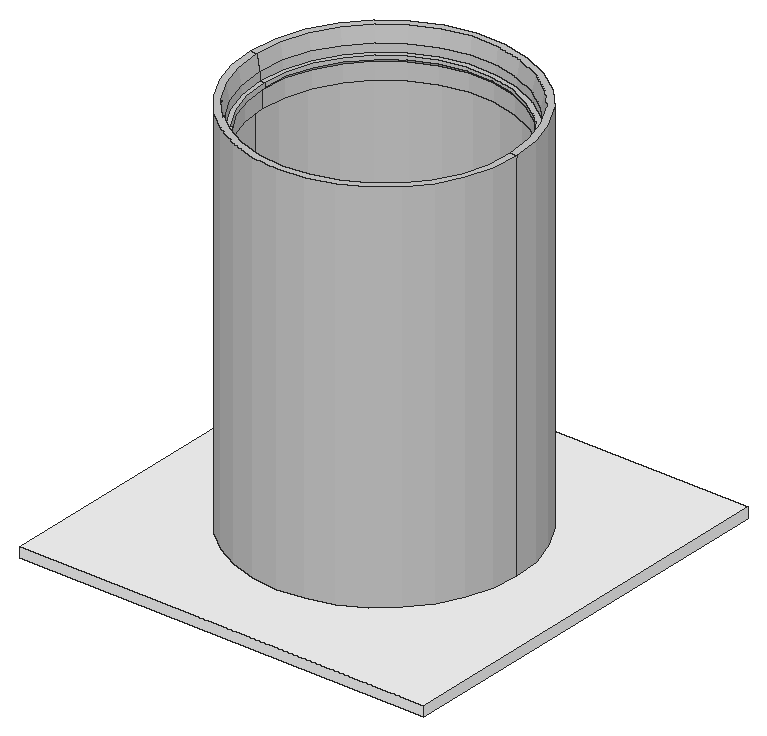
Revit family "BE_99619_de_DE", category Leuchten, Revit 2015
Parameters (values of type "BEGA_99619_Silber")
  Default Elevation = 0 mm
  URL = "http://www.bega.de/produkt/99619"
  Typenkommentare = "© 2015 BEGA. Wir behalten uns das Recht vor, technische Änderungen ohne vorherige Ankündigung vorzunehmen."  # constant formula
  Typenbild = 99619.png
  Sonderanfertigung = no
  Seriennummer [instance] = "Hier können Sie die eindeutige Seriennummer für das Facility Management eintragen."
  Schutzart = "IP 65"
  Scheinlast = 0 VA
  Produktdatenblatt = "http://www.bega.de/download/datenblaetter/de/99619.pdf"
  Modell = "99619A"
  Material_02 = BEGA_Oberfläche_Silber_matt
  Material_01 [instance] = BEGA_Oberfläche_Grafit_matt
  M_G = no
  M_A = yes
  Logo = 0
  Leuchtenanzahl = ""
  Lastklassifizierung = Beleuchtung
  Hersteller = "BEGA"  # constant formula
  Halbstreuwinkel = ""
  Gewicht = "6.15 kg"
  Erdstück [instance] = no
  Einbauöffnung = "265 mm"
  CE_Konformität = "ja"
  Bestellnummer_Erdstück [instance] = if(Erdstück, "70896", "---")  # "---"
  Bestellnummer = "99619A"
  Beschreibung_Sonderanfertigung = "Hier können Sie Informationen zur Sonderanfertigung eintragen."
  Beschreibung = "Pollerleuchtenrohr"
  BEGA_Intern_aus = yes
  BEGA_Intern_an = yes
  BEGA_Intern_Konstruktion = yes
  BEGA_Intern = yes
  BEGA_IES = yes
  BEGA_Dummy = no
  Aktualisierung = "2015-12-09T04:08:32"
Types (3, lengths in mm): name | Modell | M_G | M_A | Bestellnummer
  (no name) | "99619A" | no | yes | "99619A"
  BEGA_99619_Silber | "99619A" | no | yes | "99619A"
  BEGA_99619_Grafit | "99619" | yes | no | "99619"
Reference planes
  plane 1 "Mitte (Vorne/Hinten)": y = 0
  plane 2: z = 0
  plane 3 "Mitte (Links/Rechts)": x = 0
  plane 4 "Links": x = -132
  plane 5 "Rechts": x = 132
  plane 6 "Unten": y = -131.922
  plane 7 "Oben": y = 132.024
  plane 8 "Vorne": z = 375.334
Forms (mm)
  Extrusion 1, solid, material "BEGA_Platte_Weiss"
    sketch origin (0, -1119.2, 0) x (1, 0, 0) y (0, 1, 0)
      loop
        line (-200, 1319.2) -> (-200, 919.2) -> (200, 919.2) -> (200, 1319.2) -> (-200, 1319.2)
    from 0 to -10
  Extrusion 2, solid, material "BEGA_Dummy_matt", visible <- "BEGA_Dummy"
    sketch origin (77.149, -76.023, 0) x (1, 0, 0) y (0, 1, 0)
      loop
        circle (-77.149, 76.023) r 132
    from 0 to 375.334
Dimensions and locks
  plane 1 "Mitte (Vorne/Hinten)" to Extrusion 1 = 200 mm
  aligned and locked: plane 2 to Extrusion 1
  aligned and locked: level to Extrusion 1
Nested families
  nested 1: "BE_99619_Pollerrohr" at (0, 0, 0), type "BE_99619_Pollerrohr"
Connectors
  electrical at (0, 0, 0), driven by "Lastklassifizierung", driven by "Scheinlast"
    settings: index 1, voltage 0 V, apparent load 0 VA, apparent load phase1 0 VA, apparent load phase2 0 VA, apparent load phase3 0 VA, power factor 1, load classification "Beleuchtung", number of poles 1, system type 31, power factor state 1, is connector primary yes, connector utility no, sub classification motor no, connector description ""
Definition of nested family "BE_99619_Pollerrohr"
  Parameters (values of type "BE_99619_Pollerrohr")
    Default Elevation = 1 mm
    URL = "http://www.bega.de/de/produkt"
    Type Comments = "© 2015 BEGA. Wir behalten uns das Recht vor, technische Änderungen ohne vorherige Ankündigung vorzunehmen. "  # constant formula
    Type Image = (empty or 0)
    Material_02 = none
    Material_01 = none
    M_G = yes
    M_A = yes
    Länge_Platte = 300 mm  # constant formula
    Höhe_Platte = -10 mm  # constant formula
    Manufacturer = "BEGA"  # constant formula
    Breite_Platte = 300 mm  # constant formula
  Reference planes
    plane 1 "Mitte (Oben/Unten)": y = 0
    plane 2: z = 0
    plane 3 "Mitte (Links/Rechts)": x = 0
    plane 4 "Vorne": z = 375.334
    plane 5 "Links": x = -132
    plane 6 "Rechts": x = 132
    plane 7 "Oben": y = 132.024
    plane 8 "Unten": y = -131.922
  Forms (mm)
    Extrusion 1, solid, detail levels medium
      sketch origin (0, 0, 0) x (1, 0, 0) y (0, 1, 0)
        loop
          line (-150, 150) -> (-150, -150) -> (150, -150) -> (150, 150) -> (-150, 150)
      from 0 to -10 <- "Höhe_Platte"
    Revolve 2, solid, material <- "Material_01", visible <- "M_G", detail levels medium+fine
      sketch origin (0, 0, 0) x (1, 0, 0) y (0, 0, 1)
        loop
          line (-104.5, 0) -> (-39.606, 0)
          arc (-39.606, 0) -> (-38.217, 0.561) -> (-37.607, 1.928) r 2
          line (-37.607, 1.928) -> (-37.5, 5) -> (-37.607, 8.067)
          arc (-37.607, 8.067) -> (-38.216, 9.438) -> (-39.606, 10) r 2
          line (-39.606, 10) -> (-75.72, 10)
          arc (-75.72, 10) -> (-77.743, 10.79) -> (-78.702, 12.739) r 3
          line (-78.702, 12.739) -> (-80.92, 38.087)
          arc (-80.92, 38.087) -> (-81.24, 38.737) -> (-81.914, 39) r 1
          line (-81.914, 39) -> (-97.5, 39) -> (-97.5, 35) -> (-87.374, 24.874)
          arc (-87.374, 24.874) -> (-86.727, 23.902) -> (-86.5, 22.757) r 3
          line (-86.5, 22.757) -> (-86.5, 13.454)
          arc (-86.5, 13.454) -> (-87.902, 9.985) -> (-91.318, 8.46) r 5
          line (-91.318, 8.46) -> (-103.537, 8.034)
          arc (-103.537, 8.034) -> (-104.22, 7.728) -> (-104.5, 7.034) r 1
          line (-104.5, 7.034) -> (-104.5, 0)
        axis (0, 39) -> (0, 0)
      angle from 0 to 360
    Extrusion 3, void
      sketch origin (0, 0, 0) x (1, 0, 0) y (0, 1, 0)
        loop
          arc (-37.433, 48.796) -> (-36.61, 55.104) -> (-42.917, 55.933) r 4.5
          arc (-42.917, 55.933) -> (-61.056, 35.25) -> (-69.897, 9.2) r 70.5
          arc (-69.897, 9.2) -> (-66.023, 4.151) -> (-60.974, 8.027) r 4.5
          arc (-60.974, 8.027) -> (-53.259, 30.753) -> (-37.433, 48.796) r 61.5
        loop
          arc (-45.499, 0.002) -> (-49.999, 4.502) -> (-54.499, 0.001) r 4.5
          arc (-54.499, 0.001) -> (-47.2, -27.251) -> (-27.249, -47.199) r 54.483
          arc (-27.249, -47.199) -> (-21.131, -45.599) -> (-22.654, -39.461) r 4.5
          arc (-22.654, -39.461) -> (-39.375, -22.796) -> (-45.499, 0.002) r 45.517
        loop
          arc (-23.533, -56.819) -> (-29.413, -59.255) -> (-26.979, -65.134) r 4.5
          arc (-26.979, -65.134) -> (0, -70.5) -> (26.979, -65.134) r 70.5
          arc (26.979, -65.134) -> (29.415, -59.254) -> (23.533, -56.818) r 4.5
          arc (23.533, -56.818) -> (0, -61.499) -> (-23.533, -56.819) r 61.5
        loop
          arc (60.974, 8.027) -> (66.023, 4.151) -> (69.897, 9.2) r 4.5
          arc (69.897, 9.2) -> (61.056, 35.25) -> (42.918, 55.931) r 70.5
          arc (42.918, 55.931) -> (36.61, 55.104) -> (37.433, 48.796) r 4.5
          arc (37.433, 48.796) -> (53.259, 30.753) -> (60.974, 8.027) r 61.5
        loop
          arc (27.249, -47.199) -> (47.201, -27.251) -> (54.5, 0.002) r 54.483
          arc (54.5, 0.002) -> (50, 4.501) -> (45.5, 0.002) r 4.5
          arc (45.5, 0.002) -> (39.402, -22.748) -> (22.749, -39.404) r 45.517
          arc (22.749, -39.404) -> (21.102, -45.551) -> (27.249, -47.199) r 4.5
        loop
          arc (-20.5, 50.498) -> (-23.932, 48.965) -> (-27.25, 47.198) r 54.483
          arc (-27.25, 47.198) -> (-28.897, 41.051) -> (-22.75, 39.404) r 4.5
          arc (-22.75, 39.404) -> (-21.634, 40.027) -> (-20.5, 40.619) r 45.517
          arc (-20.5, 40.619) -> (0.676, 45.492) -> (21.698, 39.992) r 45.517
          arc (21.698, 39.992) -> (22.226, 39.701) -> (22.751, 39.403) r 45.517
          arc (22.751, 39.403) -> (28.897, 41.051) -> (27.251, 47.197) r 4.5
          arc (27.251, 47.197) -> (23.932, 48.964) -> (20.5, 50.498) r 54.483
          arc (20.5, 50.498) -> (0, 54.473) -> (-20.5, 50.498) r 54.857
      from 0 to 16.907
    Revolve 4, solid, material <- "Material_01", visible <- "M_G", detail levels medium+fine
      sketch origin (0, 0, 0) x (1, 0, 0) y (0, 0, 1)
        loop
          line (-128, 2.834) -> (-128, 15.334) -> (-114.957, 15.334)
          arc (-114.957, 15.334) -> (-113.566, 14.77) -> (-112.96, 13.397) r 1.999
          line (-112.96, 13.397) -> (-112.858, 10.443) -> (-110.216, 7.8) -> (-98.318, 8.216) -> (-98.318, 43.346) -> (-108, 43.346) -> (-108.721, 22.73)
          arc (-108.721, 22.73) -> (-109.64, 20.672) -> (-111.734, 19.836) r 2.999
          line (-111.734, 19.836) -> (-120.371, 19.836)
          arc (-120.371, 19.836) -> (-122.471, 20.694) -> (-123.368, 22.776) r 2.998
          line (-123.368, 22.776) -> (-124.397, 52.334) -> (-128, 52.334) -> (-128, 328.034) -> (-121, 328.034) -> (-121, 345.034) -> (-117.865, 348.169) -> (-118, 352.034) -> (-122.735, 352.034) -> (-123.018, 360.123) -> (-125.7, 375.334) -> (-132, 375.334) -> (-132, 2.834) -> (-128, 2.834)
        axis (0, 375.334) -> (0, 2.834)
      angle from 0 to 360
    Revolve 5, solid, material <- "Material_02", visible <- "M_A", detail levels medium+fine
      sketch origin (0, 0, 0) x (1, 0, 0) y (0, 0, 1)
        loop
          line (-104.5, 0) -> (-39.606, 0)
          arc (-39.606, 0) -> (-38.217, 0.561) -> (-37.607, 1.928) r 2
          line (-37.607, 1.928) -> (-37.5, 5) -> (-37.607, 8.067)
          arc (-37.607, 8.067) -> (-38.216, 9.438) -> (-39.606, 10) r 2
          line (-39.606, 10) -> (-75.72, 10)
          arc (-75.72, 10) -> (-77.743, 10.79) -> (-78.702, 12.739) r 3
          line (-78.702, 12.739) -> (-80.92, 38.087)
          arc (-80.92, 38.087) -> (-81.24, 38.737) -> (-81.914, 39) r 1
          line (-81.914, 39) -> (-97.5, 39) -> (-97.5, 35) -> (-87.374, 24.874)
          arc (-87.374, 24.874) -> (-86.727, 23.902) -> (-86.5, 22.757) r 3
          line (-86.5, 22.757) -> (-86.5, 13.454)
          arc (-86.5, 13.454) -> (-87.902, 9.985) -> (-91.318, 8.46) r 5
          line (-91.318, 8.46) -> (-103.537, 8.034)
          arc (-103.537, 8.034) -> (-104.22, 7.728) -> (-104.5, 7.034) r 1
          line (-104.5, 7.034) -> (-104.5, 0)
        axis (0, 39) -> (0, 0)
      angle from 0 to 360
    Revolve 6, solid, material <- "Material_02", visible <- "M_A", detail levels medium+fine
      sketch origin (0, 0, 0) x (1, 0, 0) y (0, 0, 1)
        loop
          line (-128, 2.834) -> (-128, 15.334) -> (-114.957, 15.334)
          arc (-114.957, 15.334) -> (-113.566, 14.77) -> (-112.96, 13.397) r 1.999
          line (-112.96, 13.397) -> (-112.858, 10.443) -> (-110.216, 7.8) -> (-98.318, 8.216) -> (-98.318, 43.346) -> (-108, 43.346) -> (-108.721, 22.73)
          arc (-108.721, 22.73) -> (-109.64, 20.672) -> (-111.734, 19.836) r 2.999
          line (-111.734, 19.836) -> (-120.371, 19.836)
          arc (-120.371, 19.836) -> (-122.471, 20.694) -> (-123.368, 22.776) r 2.998
          line (-123.368, 22.776) -> (-124.397, 52.334) -> (-128, 52.334) -> (-128, 328.034) -> (-121, 328.034) -> (-121, 345.034) -> (-117.865, 348.169) -> (-118, 352.034) -> (-122.735, 352.034) -> (-123.018, 360.123) -> (-125.7, 375.334) -> (-132, 375.334) -> (-132, 2.834) -> (-128, 2.834)
        axis (0, 375.334) -> (0, 2.834)
      angle from 0 to 360
  Cuts and joins
    Extrusion 3 cuts Revolve 2
    Extrusion 3 cuts Revolve 5
  Dimensions and locks
    equal spacing: Extrusion 1 sketch curve, plane 3 "Mitte (Links/Rechts)", Extrusion 1 sketch curve
    equal spacing: Extrusion 1 sketch curve, plane 1 "Mitte (Oben/Unten)", Extrusion 1 sketch curve
    "Länge_Platte": Extrusion 1 sketch curve to Extrusion 1 sketch curve
    "Breite_Platte": Extrusion 1 sketch curve to Extrusion 1 sketch curve
    plane 1 "Mitte (Oben/Unten)" to Extrusion 1 = 150 mm  (x3)
    aligned and locked: Extrusion 1 to plane 2
    aligned and locked: level to Extrusion 1
    aligned and locked: Revolve 2 sketch curve to plane 3 "Mitte (Links/Rechts)"
    aligned and locked: Revolve 4 sketch curve to plane 3 "Mitte (Links/Rechts)"
  Automatic sketch dimensions
    Revolve 2 sketch curve to level = 0 mm  (x2)
    plane 5 "Links" to Revolve 2 sketch curve = 27.5 mm
    Revolve 2 sketch curve to Revolve 2 sketch curve = 64.894 mm
    Revolve 2 sketch curve to Revolve 2 sketch curve = 7.034 mm
    Revolve 2 sketch curve to Revolve 2 sketch curve = 1 mm  (x2)
    Revolve 2 sketch curve to Revolve 2 sketch curve = 0.037 mm
    level to Revolve 2 sketch curve = 8.46 mm
    Revolve 2 sketch curve to Revolve 2 sketch curve = 12.219 mm
    Revolve 2 sketch curve to Revolve 2 sketch curve = 0.182 mm
    Revolve 2 sketch curve to Revolve 2 sketch curve = 4.997 mm
    Revolve 2 sketch curve to Revolve 2 sketch curve = 0.003 mm
    Revolve 2 sketch curve to Revolve 2 sketch curve = 9.304 mm
    Revolve 2 sketch curve to Revolve 2 sketch curve = 3 mm  (x2)
    Revolve 2 sketch curve to Revolve 2 sketch curve = 0.874 mm
    Revolve 2 sketch curve to Revolve 2 sketch curve = 0 mm  (x7)
    Revolve 2 sketch curve to Revolve 2 sketch curve = 2.116 mm
    Revolve 2 sketch curve to Revolve 2 sketch curve = 10.126 mm  (x2)
    Revolve 2 sketch curve to Revolve 2 sketch curve = 4 mm
    Revolve 2 sketch curve to Revolve 2 sketch curve = 5.459 mm
    Revolve 2 sketch curve to Revolve 2 sketch curve = 0.002 mm
    Revolve 2 sketch curve to Revolve 2 sketch curve = 0.996 mm
    Revolve 2 sketch curve to Revolve 2 sketch curve = 10.78 mm
    Revolve 2 sketch curve to Revolve 2 sketch curve = 0.006 mm
    level to Revolve 2 sketch curve = 10 mm
    level to Revolve 2 sketch curve = 12.739 mm
    Revolve 2 sketch curve to Revolve 2 sketch curve = 2.989 mm
    level to Revolve 2 sketch curve = 5 mm
    Revolve 2 sketch curve to Revolve 2 sketch curve = 2.106 mm
    level to Revolve 2 sketch curve = 1.928 mm
    Revolve 2 sketch curve to Revolve 2 sketch curve = 0.107 mm  (x2)
    level to Revolve 2 sketch curve = 8.067 mm
    Revolve 2 sketch curve to Revolve 2 sketch curve = 1.999 mm  (x2)
    Revolve 2 sketch curve to Revolve 2 sketch curve = 0.067 mm
    Revolve 2 sketch curve to Revolve 2 sketch curve = 0.072 mm
    plane 4 "Vorne" to Revolve 2 sketch curve = 1.208 mm
    Extrusion 3 sketch curve to Extrusion 3 sketch curve = 0 mm  (x35)
    plane 1 "Mitte (Oben/Unten)" to Extrusion 3 sketch curve = 0 mm
    Extrusion 3 sketch curve to plane 3 "Mitte (Links/Rechts)" = 0 mm  (x5)
    Extrusion 3 sketch curve to plane 1 "Mitte (Oben/Unten)" = 0.001 mm  (x3)
    Extrusion 3 sketch curve to plane 3 "Mitte (Links/Rechts)" = 0.002 mm
    Extrusion 3 sketch curve to plane 3 "Mitte (Links/Rechts)" = 0.016 mm
    Extrusion 3 sketch curve to plane 3 "Mitte (Links/Rechts)" = 0.017 mm
    Extrusion 3 sketch curve to plane 3 "Mitte (Links/Rechts)" = 24.999 mm
    Extrusion 3 sketch curve to plane 3 "Mitte (Links/Rechts)" = 25 mm
    Extrusion 3 sketch curve to Extrusion 3 sketch curve = 0.255 mm
    Extrusion 3 sketch curve to Extrusion 3 sketch curve = 15.179 mm
    Extrusion 3 sketch curve to plane 1 "Mitte (Oben/Unten)" = 0.002 mm  (x4)
    Extrusion 3 sketch curve to Extrusion 3 sketch curve = 49.982 mm  (x2)
    Extrusion 3 sketch curve to plane 1 "Mitte (Oben/Unten)" = 8.613 mm  (x2)
    Extrusion 3 sketch curve to Extrusion 3 sketch curve = 15.436 mm  (x2)
    plane 3 "Mitte (Links/Rechts)" to Extrusion 3 sketch curve = 0 mm
    plane 1 "Mitte (Oben/Unten)" to Extrusion 3 sketch curve = 0.01 mm  (x2)
    plane 3 "Mitte (Links/Rechts)" to Extrusion 3 sketch curve = 0.017 mm  (x2)
    Extrusion 3 sketch curve to plane 1 "Mitte (Oben/Unten)" = 0.008 mm
    plane 3 "Mitte (Links/Rechts)" to Extrusion 3 sketch curve = 25 mm  (x2)
    Extrusion 3 sketch curve to Extrusion 3 sketch curve = 0.258 mm
    Extrusion 3 sketch curve to Extrusion 3 sketch curve = 15.178 mm
    plane 1 "Mitte (Oben/Unten)" to Extrusion 3 sketch curve = 0.02 mm
    Extrusion 3 sketch curve to Extrusion 3 sketch curve = 0.365 mm
    plane 1 "Mitte (Oben/Unten)" to Extrusion 3 sketch curve = 43.301 mm  (x2)
    Extrusion 3 sketch curve to Extrusion 3 sketch curve = 17.675 mm
    Extrusion 3 sketch curve to Extrusion 3 sketch curve = 17.676 mm
    Extrusion 3 sketch curve to plane 1 "Mitte (Oben/Unten)" = 0.01 mm
    Extrusion 3 sketch curve to Extrusion 3 sketch curve = 0.017 mm
    Extrusion 3 sketch curve to plane 1 "Mitte (Oben/Unten)" = 43.301 mm
    Extrusion 3 sketch curve to Extrusion 3 sketch curve = 9.06 mm
    Extrusion 3 sketch curve to Extrusion 3 sketch curve = 9.061 mm
    Extrusion 3 sketch curve to Extrusion 3 sketch curve = 4.499 mm  (x2)
    Extrusion 3 sketch curve to Extrusion 3 sketch curve = 2.346 mm
    Extrusion 3 sketch curve to Extrusion 3 sketch curve = 2.25 mm
    Extrusion 3 sketch curve to Extrusion 3 sketch curve = 1.722 mm  (x3)
    Extrusion 3 sketch curve to Extrusion 3 sketch curve = 0.002 mm  (x4)
    Extrusion 3 sketch curve to Extrusion 3 sketch curve = 2.249 mm  (x2)
    Extrusion 3 sketch curve to Extrusion 3 sketch curve = 2.251 mm  (x3)
    Extrusion 3 sketch curve to Extrusion 3 sketch curve = 2.745 mm  (x2)
    Extrusion 3 sketch curve to Extrusion 3 sketch curve = 2.739 mm  (x2)
    Extrusion 3 sketch curve to plane 1 "Mitte (Oben/Unten)" = 0.003 mm
    Extrusion 3 sketch curve to Extrusion 3 sketch curve = 4.462 mm  (x4)
    Extrusion 3 sketch curve to Extrusion 3 sketch curve = 4.5 mm  (x2)
    Extrusion 3 sketch curve to Extrusion 3 sketch curve = 3.302 mm
    Extrusion 3 sketch curve to Extrusion 3 sketch curve = 1.053 mm
    Extrusion 3 sketch curve to Extrusion 3 sketch curve = 1.724 mm
    Extrusion 3 sketch curve to Extrusion 3 sketch curve = 0.001 mm
    Extrusion 3 sketch curve to Extrusion 3 sketch curve = 3.898 mm
    Revolve 4 sketch curve to plane 5 "Links" = 0 mm
    Revolve 4 sketch curve to plane 4 "Vorne" = 0 mm
    plane 5 "Links" to Revolve 4 sketch curve = 4 mm
    Revolve 4 sketch curve to Revolve 4 sketch curve = 6.3 mm
    Revolve 4 sketch curve to Revolve 4 sketch curve = 3.603 mm
    plane 5 "Links" to Revolve 4 sketch curve = 8.632 mm
    plane 5 "Links" to Revolve 4 sketch curve = 8.982 mm
    Revolve 4 sketch curve to Revolve 4 sketch curve = 0.282 mm
    Revolve 4 sketch curve to Revolve 4 sketch curve = 7 mm
    Revolve 4 sketch curve to Revolve 4 sketch curve = 2.997 mm
    Revolve 4 sketch curve to Revolve 4 sketch curve = 4.735 mm
    Revolve 4 sketch curve to Revolve 4 sketch curve = 0.135 mm
    Revolve 4 sketch curve to Revolve 4 sketch curve = 5.414 mm
    Revolve 4 sketch curve to Revolve 4 sketch curve = 1.998 mm
    Revolve 4 sketch curve to Revolve 4 sketch curve = 0.101 mm
    Revolve 4 sketch curve to Revolve 4 sketch curve = 3.223 mm
    Revolve 4 sketch curve to Revolve 4 sketch curve = 0.016 mm
    level to Revolve 4 sketch curve = 7.8 mm
    Revolve 4 sketch curve to Revolve 4 sketch curve = 2.643 mm  (x2)
    Revolve 4 sketch curve to Revolve 4 sketch curve = 16.397 mm
    Revolve 4 sketch curve to Revolve 4 sketch curve = 11.897 mm
    level to Revolve 4 sketch curve = 2.834 mm
    level to Revolve 4 sketch curve = 8.216 mm
    Revolve 4 sketch curve to Revolve 4 sketch curve = 2.892 mm
    Revolve 4 sketch curve to Revolve 4 sketch curve = 0.062 mm
    Revolve 4 sketch curve to Revolve 4 sketch curve = 4.502 mm
    Revolve 4 sketch curve to Revolve 4 sketch curve = 2.941 mm
    Revolve 4 sketch curve to Revolve 4 sketch curve = 2.999 mm
    Revolve 4 sketch curve to Revolve 4 sketch curve = 20.511 mm
    Revolve 4 sketch curve to Revolve 4 sketch curve = 8.988 mm
    Revolve 4 sketch curve to plane 4 "Vorne" = 47.3 mm
    Revolve 4 sketch curve to Revolve 4 sketch curve = 17 mm
    Revolve 4 sketch curve to Revolve 4 sketch curve = 3.135 mm
    Revolve 4 sketch curve to Revolve 4 sketch curve = 3.865 mm
    Revolve 4 sketch curve to Revolve 4 sketch curve = 8.088 mm
    Revolve 4 sketch curve to Revolve 4 sketch curve = 4 mm
    Revolve 4 sketch curve to Revolve 4 sketch curve = 0 mm
    Revolve 4 sketch curve to Revolve 4 sketch curve = 2.998 mm
    Revolve 4 sketch curve to Revolve 4 sketch curve = 0.001 mm  (x2)
    Revolve 4 sketch curve to level = 0 mm
    plane 4 "Vorne" to Revolve 4 sketch curve = 1.208 mm
    Revolve 5 sketch curve to level = 0 mm  (x2)
    Revolve 5 sketch curve to plane 3 "Mitte (Links/Rechts)" = 0 mm
    level to Revolve 5 sketch curve = 5 mm
    Revolve 5 sketch curve to plane 3 "Mitte (Links/Rechts)" = 37.5 mm
    level to Revolve 5 sketch curve = 8.067 mm
    Revolve 5 sketch curve to Revolve 5 sketch curve = 0.107 mm  (x2)
    level to Revolve 5 sketch curve = 1.928 mm
    Revolve 5 sketch curve to Revolve 5 sketch curve = 1.999 mm  (x2)
    level to Revolve 5 sketch curve = 13 mm
    Revolve 5 sketch curve to Revolve 5 sketch curve = 36.108 mm
    Revolve 5 sketch curve to Revolve 5 sketch curve = 0.006 mm
    Revolve 5 sketch curve to Revolve 5 sketch curve = 6.201 mm
    Revolve 5 sketch curve to Revolve 5 sketch curve = 0.002 mm
    Revolve 5 sketch curve to Revolve 5 sketch curve = 10.786 mm
    Revolve 5 sketch curve to Revolve 5 sketch curve = 0.874 mm
    Revolve 5 sketch curve to Revolve 5 sketch curve = 2.126 mm
    level to Revolve 5 sketch curve = 8.46 mm
    Revolve 5 sketch curve to Revolve 5 sketch curve = 4.818 mm
    Revolve 5 sketch curve to Revolve 5 sketch curve = 5 mm
    Revolve 5 sketch curve to Revolve 5 sketch curve = 10.126 mm  (x2)
    Revolve 5 sketch curve to Revolve 5 sketch curve = 0 mm  (x7)
    Revolve 5 sketch curve to Revolve 5 sketch curve = 12.182 mm
    level to Revolve 5 sketch curve = 8.034 mm
    Revolve 5 sketch curve to Revolve 5 sketch curve = 0.037 mm
    Revolve 5 sketch curve to Revolve 5 sketch curve = 1 mm  (x2)
    Revolve 5 sketch curve to Revolve 5 sketch curve = 0.072 mm
    Revolve 5 sketch curve to Revolve 5 sketch curve = 0.067 mm
    Revolve 5 sketch curve to Revolve 5 sketch curve = 3 mm
    Revolve 5 sketch curve to Revolve 5 sketch curve = 4.994 mm
    Revolve 5 sketch curve to Revolve 5 sketch curve = 9.3 mm
    Revolve 5 sketch curve to Revolve 5 sketch curve = 2.116 mm  (x2)
    Revolve 5 sketch curve to Revolve 5 sketch curve = 13.126 mm
    Revolve 5 sketch curve to Revolve 5 sketch curve = 2.989 mm
    level to Revolve 5 sketch curve = 12.739 mm
    Revolve 5 sketch curve to Revolve 5 sketch curve = 0.996 mm
    plane 4 "Vorne" to Revolve 5 sketch curve = 1.208 mm
    Revolve 6 sketch curve to plane 5 "Links" = 0 mm
    Revolve 6 sketch curve to plane 4 "Vorne" = 0 mm
    Revolve 6 sketch curve to level = 0 mm
    Revolve 6 sketch curve to plane 3 "Mitte (Links/Rechts)" = 0 mm
    Revolve 6 sketch curve to Revolve 6 sketch curve = 4 mm
    plane 5 "Links" to Revolve 6 sketch curve = 4 mm
    Revolve 6 sketch curve to Revolve 6 sketch curve = 6.3 mm
    Revolve 6 sketch curve to Revolve 6 sketch curve = 3.603 mm
    plane 5 "Links" to Revolve 6 sketch curve = 8.632 mm
    plane 5 "Links" to Revolve 6 sketch curve = 8.982 mm
    Revolve 6 sketch curve to Revolve 6 sketch curve = 0.282 mm
    Revolve 6 sketch curve to Revolve 6 sketch curve = 1.735 mm
    Revolve 6 sketch curve to Revolve 6 sketch curve = 2.997 mm
    Revolve 6 sketch curve to Revolve 6 sketch curve = 4.735 mm
    Revolve 6 sketch curve to Revolve 6 sketch curve = 0.135 mm
    Revolve 6 sketch curve to Revolve 6 sketch curve = 5.414 mm
    level to Revolve 6 sketch curve = 13.397 mm
    Revolve 6 sketch curve to Revolve 6 sketch curve = 1.998 mm
    Revolve 6 sketch curve to Revolve 6 sketch curve = 0.101 mm
    Revolve 6 sketch curve to Revolve 6 sketch curve = 3.223 mm
    Revolve 6 sketch curve to Revolve 6 sketch curve = 0.016 mm
    level to Revolve 6 sketch curve = 7.8 mm
    Revolve 6 sketch curve to Revolve 6 sketch curve = 2.643 mm
    Revolve 6 sketch curve to Revolve 6 sketch curve = 16.397 mm
    Revolve 6 sketch curve to Revolve 6 sketch curve = 9.682 mm
    level to Revolve 6 sketch curve = 2.834 mm
    level to Revolve 6 sketch curve = 8.216 mm
    Revolve 6 sketch curve to Revolve 6 sketch curve = 2.954 mm
    Revolve 6 sketch curve to Revolve 6 sketch curve = 0.062 mm
    Revolve 6 sketch curve to Revolve 6 sketch curve = 4.502 mm
    Revolve 6 sketch curve to Revolve 6 sketch curve = 2.941 mm
    Revolve 6 sketch curve to Revolve 6 sketch curve = 2.999 mm
    Revolve 6 sketch curve to Revolve 6 sketch curve = 20.511 mm
    Revolve 6 sketch curve to Revolve 6 sketch curve = 8.988 mm
    Revolve 6 sketch curve to plane 4 "Vorne" = 47.3 mm
    Revolve 6 sketch curve to Revolve 6 sketch curve = 17 mm
    Revolve 6 sketch curve to Revolve 6 sketch curve = 3.135 mm
    Revolve 6 sketch curve to Revolve 6 sketch curve = 3.865 mm
    Revolve 6 sketch curve to Revolve 6 sketch curve = 8.088 mm
    Revolve 6 sketch curve to Revolve 6 sketch curve = 0 mm
    Revolve 6 sketch curve to Revolve 6 sketch curve = 2.998 mm
    Revolve 6 sketch curve to Revolve 6 sketch curve = 0.001 mm  (x2)
    plane 4 "Vorne" to Revolve 6 sketch curve = 1.208 mm
